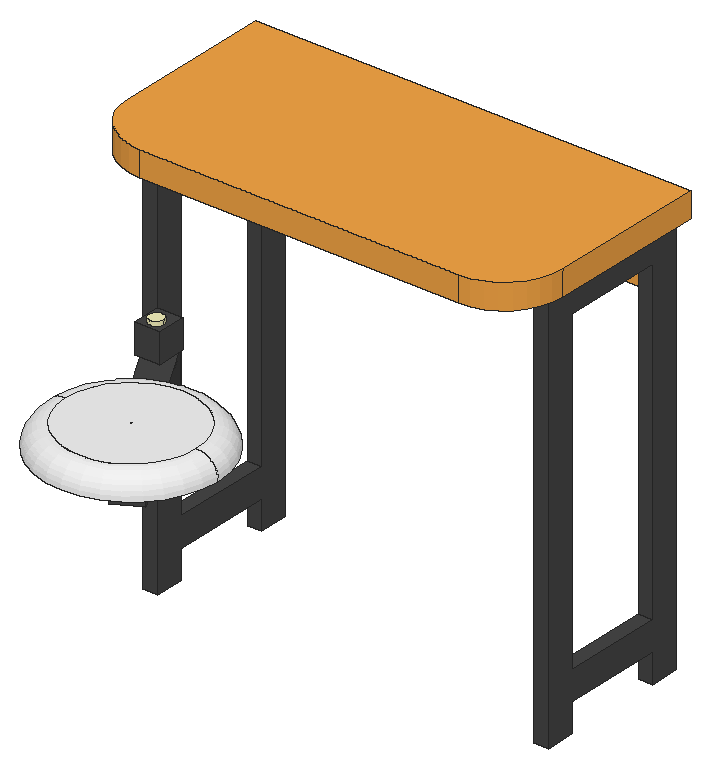
Revit family "Detention_Desk", category Casework, Revit 2026
Family settings
  Classification Number = 23.40.70.31.17
  Work Plane-Based = No
  Always vertical = Yes
  Cut with Voids When Loaded = No
  Shared = No
  Room Calculation Point = No
Parameters (values of type "Detention_Desk")
  Width = 2' - 6"
  Warranty Duration (Years) = 2
  Test Data = ""
  Stool Material = Metal - Steel, Stainless
  Specification = "http://www.arcat.com/divs/sec/sec11190.shtml"
  Seat Height = 1' - 5"
  Sales Information = ""
  Product Properties = "http://www.arcat.com/bim/bim_info.pl?fn=Detention_Desk"
  Product Data = "http://www.arcat.com/divs/sec/sec11190.shtml"
  Model = "Generic"  # constant formula
  Manufacturer Website = "http://www.arcat.com/"
  Manufacturer Phone - Toll Free = ""
  Manufacturer Phone = "(203) 929-9444"  # constant formula
  Manufacturer Fax = "(203) 939-2444"  # constant formula
  Manufacturer Email = "bim@arcat.com"  # constant formula
  Manufacturer Address = "1077 Bridgeport Ave, Shelton, CT  06484"  # constant formula
  Manufacturer = "Generic"  # constant formula
  Maintenance Schedule (Months) = 12
  Keynote = "11190"
  Installation_Fabricaton = ""
  Installation Phase = ""
  Height = 2' - 6"
  Hardware Material = Metal - Brass
  Green Building-LEED = "http://www.arcat.com/green/green_building.shtml"
  Frame Material = Metal - Steel, Painted, Black
  Expected Lifespan (Years) = 10
  Drawn By = "Robert S. Weygant. CSI, CDT, SCIP"  # constant formula
  Desk Material = Metal - Steel, Painted, Orange
  Description = "Detention Desk"
  Depth = 1' - 3"
  Default Elevation = 0' - 0"
  Copyright = "2008, ARCAT, Inc."  # constant formula
  Construction Details = "http://www.arcat.com/divs/sec/sec11190.shtml"
  Building Codes = ""
  Assembly Code = "E1020600"
Reference planes (in)
  plane 1 "Center (Front/Back)": y = 0
  plane 2: z = 0
  plane 3 "Center (Left/Right)": x = 0
  plane 4: z = 30
  plane 5: y = 0
  plane 6: x = -36
  plane 7: x = -15
  plane 8: x = 15
  plane 9: y = 7.5
  plane 10: y = -7.5
  plane 11: x = -15
  plane 12: y = -7.5
Forms (in)
  Extrusion 1, solid, not visible
    sketch origin (-23.60937, 0, 0) x (1, 0, 0) y (0, 1, 0)
      loop
        arc (-6.25, 8) -> (-7.48744, 7.48744) -> (-8, 6.25) r 1.75
        line (-8, 6.25) -> (-8, -6.25)
        arc (-8, -6.25) -> (-7.48744, -7.48744) -> (-6.25, -8) r 1.75
        line (-6.25, -8) -> (6.25, -8)
        arc (6.25, -8) -> (7.48744, -7.48744) -> (8, -6.25) r 1.75
        line (8, -6.25) -> (8, 6.25)
        arc (8, 6.25) -> (7.48744, 7.48744) -> (6.25, 8) r 1.75
        line (6.25, 8) -> (-6.25, 8)
      loop
        arc (-6.25, 7.5) -> (-7.13388, 7.13388) -> (-7.5, 6.25) r 1.25
        line (-7.5, 6.25) -> (-7.5, -6.25)
        arc (-7.5, -6.25) -> (-7.13388, -7.13388) -> (-6.25, -7.5) r 1.25
        line (-6.25, -7.5) -> (6.25, -7.5)
        arc (6.25, -7.5) -> (7.13388, -7.13388) -> (7.5, -6.25) r 1.25
        line (7.5, -6.25) -> (7.5, 6.25)
        arc (7.5, 6.25) -> (7.13388, 7.13388) -> (6.25, 7.5) r 1.25
        line (6.25, 7.5) -> (-6.25, 7.5)
    from 0 to 7
  Extrusion 2, solid, not visible
    sketch origin (-23.60937, 0, 7) x (1, 0, 0) y (0, 1, 0)
      loop
        arc (-9.5, 10) -> (-9.85355, 9.85355) -> (-10, 9.5) r 0.5
        line (-10, 9.5) -> (-10, -9.5)
        arc (-10, -9.5) -> (-9.85355, -9.85355) -> (-9.5, -10) r 0.5
        line (-9.5, -10) -> (9.5, -10)
        arc (9.5, -10) -> (9.85355, -9.85355) -> (10, -9.5) r 0.5
        line (10, -9.5) -> (10, 9.5)
        arc (10, 9.5) -> (9.85355, 9.85355) -> (9.5, 10) r 0.5
        line (9.5, 10) -> (-9.5, 10)
      loop
        line (-7.5, 6.25) -> (-7.5, -6.25)
        arc (-7.5, -6.25) -> (-7.13388, -7.13388) -> (-6.25, -7.5) r 1.25
        line (-6.25, -7.5) -> (6.25, -7.5)
        arc (6.25, -7.5) -> (7.13388, -7.13388) -> (7.5, -6.25) r 1.25
        line (7.5, -6.25) -> (7.5, 6.25)
        arc (7.5, 6.25) -> (7.13388, 7.13388) -> (6.25, 7.5) r 1.25
        line (6.25, 7.5) -> (-6.25, 7.5)
        arc (-6.25, 7.5) -> (-7.13388, 7.13388) -> (-7.5, 6.25) r 1.25
    from 0 to 0.25
  Extrusion 3, solid, material "Metal - Steel, Painted, Orange" <- "Desk Material"
    sketch origin (0, 0, 28.25) x (1, 0, 0) y (0, 1, 0)
      loop
        line (-15, 7.5) -> (-15, -3.5)
        arc (-15, -3.5) -> (-13.82843, -6.32843) -> (-11, -7.5) r 4
        line (-11, -7.5) -> (11, -7.5)
        arc (11, -7.5) -> (13.82843, -6.32843) -> (15, -3.5) r 4
        line (15, -3.5) -> (15, 7.5) -> (-15, 7.5)
    from 0 to 1.75
  Extrusion 4, solid, material "Metal - Steel, Painted, Black" <- "Frame Material"
    sketch origin (-13, 3, 0) x (0, 1, 0) y (0, 0, -1)
      loop
        line (-6.5, -28.25) -> (4.5, -28.25) -> (4.5, 0) -> (2.5, 0) -> (2.5, -2) -> (-4.5, -2) -> (-4.5, 0) -> (-6.5, 0) -> (-6.5, -28.25)
      loop
        line (-4.5, -4) -> (-4.5, -26) -> (2.5, -26) -> (2.5, -4) -> (-4.5, -4)
    from 0 to 1
  Extrusion 5, solid, material "Metal - Steel, Painted, Black" <- "Frame Material"
    sketch origin (13, 3, 0) x (0, 1, 0) y (0, 0, 1)
      loop
        line (-6.5, 28.25) -> (-6.5, 0) -> (-4.5, 0) -> (-4.5, 2) -> (2.5, 2) -> (2.5, 0) -> (4.5, 0) -> (4.5, 28.25) -> (-6.5, 28.25)
      loop
        line (-4.5, 4) -> (2.5, 4) -> (2.5, 26) -> (-4.5, 26) -> (-4.5, 4)
    from 0 to 1
  Sweep 6, solid, material "Metal - Steel, Stainless" <- "Stool Material"
    path origin (0.75, -0.5, 0) x (1, 0, 0) y (0, 1, 0)
      loop
        circle (-7.50109, -13.09772) r 6
    profile origin (-6.75109, -7.59772, 0) x (0, -1, 0) y (0, 0, 1)
      loop
        line (0, 15.75) -> (0.25, 15.75)
        arc (0.25, 15.75) -> (0.61612, 16.63388) -> (1.5, 17) r 1.25
        line (1.5, 17) -> (2, 17) -> (2, 16.75) -> (5.96875, 16.75) -> (5.96875, 17.25) -> (1.5, 17.25)
        arc (1.5, 17.25) -> (0.43934, 16.81066) -> (0, 15.75) r 1.5
  Extrusion 7, solid, material "Metal - Steel, Painted, Black" <- "Frame Material"
    sketch origin (-0.89491, 2.41005, 1.75) x (0.866458, 0.499249, 0) y (0, 0, 1)
      loop
        line (-12.09772, 14) -> (-14.09772, 14) -> (-14.09772, 11) -> (-12.09772, 11) -> (-12.09772, 14)
    from 0 to 12
  Extrusion 8, solid, material "Metal - Steel, Painted, Black" <- "Frame Material"
    sketch origin (0, -2, 15.75) x (1, 0, 0) y (0, 1, 0)
      loop
        line (-13, -3.5) -> (-11.25, -3.5) -> (-11.25, -1.5) -> (-13, -1.5) -> (-13, -3.5)
    from 0 to 2
  Extrusion 9, solid, material "Metal - Steel, Painted, Black" <- "Frame Material"
    sketch origin (0, -2, 10.75) x (1, 0, 0) y (0, 1, 0)
      loop
        line (-13, -3.5) -> (-11.25, -3.5) -> (-11.25, -1.5) -> (-13, -1.5) -> (-13, -3.5)
    from 0 to 2
  Extrusion 10, solid, material "Metal - Steel, Painted, Orange" <- "Desk Material"
    sketch origin (0, 7.5, 0) x (1, 0, 0) y (0, 0, 1)
      loop
        line (-13, 28.25) -> (-13, 23.18447) -> (13, 23.18447) -> (13, 28.25) -> (-13, 28.25)
    from 0 to 0.5
  Sweep 11, solid, material "Metal - Steel, Stainless" <- "Stool Material", not visible
    path origin (0.75, -0.5, 0) x (1, 0, 0) y (0, 1, 0)
      loop
        circle (-7.50109, -13.09772) r 6
    profile origin (-6.75109, -7.59772, 0) x (0, -1, 0) y (0, 0, 1)
      loop
        line (0, 14) -> (0.25, 14)
        arc (0.25, 14) -> (0.61612, 14.88388) -> (1.5, 15.25) r 1.25
        line (1.5, 15.25) -> (2, 15.25) -> (2, 15) -> (5.96875, 15) -> (5.96875, 15.5) -> (1.5, 15.5)
        arc (1.5, 15.5) -> (0.43934, 15.06066) -> (0, 14) r 1.5
  Extrusion 12, solid, material "Metal - Steel, Painted, Black" <- "Frame Material", not visible
    sketch origin (-0.89491, 2.41005, 0) x (0.866458, 0.499249, 0) y (0, 0, 1)
      loop
        line (-12.09772, 14) -> (-14.09772, 14) -> (-14.09772, 11) -> (-12.09772, 11) -> (-12.09772, 14)
    from 0 to 12
  Extrusion 13, solid, material "Metal - Brass" <- "Hardware Material"
    sketch origin (-0.23624, 0, 17.75) x (1, 0, 0) y (0, 1, 0)
      loop
        circle (-11.88876, -4.69649) r 0.5
    from 0 to 0.25
  Extrusion 14, solid, material "Metal - Brass" <- "Hardware Material"
    sketch origin (-0.23624, 0, 10.5) x (1, 0, 0) y (0, 1, 0)
      loop
        circle (-11.88876, -4.69649) r 0.5
    from 0 to 0.25
  Sweep 15, solid, material "Metal - Steel, Stainless" <- "Stool Material", not visible
    path origin (0.75, -0.5, 0) x (1, 0, 0) y (0, 1, 0)
      loop
        circle (-7.50109, -13.09772) r 6
    profile origin (-6.75109, -7.59772, 0) x (0, -1, 0) y (0, 0, 1)
      loop
        line (0, 14) -> (0.25, 14)
        arc (0.25, 14) -> (0.61612, 14.88388) -> (1.5, 15.25) r 1.25
        line (1.5, 15.25) -> (2, 15.25) -> (2, 15) -> (5.96875, 15) -> (5.96875, 15.5) -> (1.5, 15.5)
        arc (1.5, 15.5) -> (0.43934, 15.06066) -> (0, 14) r 1.5
  Extrusion 16, solid, material "Metal - Steel, Painted, Black" <- "Frame Material", not visible
    sketch origin (-0.89491, 2.41005, 0) x (0.866458, 0.499249, 0) y (0, 0, 1)
      loop
        line (-12.09772, 14) -> (-14.09772, 14) -> (-14.09772, 11) -> (-12.09772, 11) -> (-12.09772, 14)
    from 0 to 12
  Extrusion 17, solid, material "Metal - Steel, Painted, Black" <- "Frame Material", not visible
    sketch origin (0, -2, 14) x (1, 0, 0) y (0, 1, 0)
      loop
        line (-13, -3.5) -> (-11.25, -3.5) -> (-11.25, -1.5) -> (-13, -1.5) -> (-13, -3.5)
    from 0 to 2
  Extrusion 18, solid, material "Metal - Steel, Painted, Black" <- "Frame Material", not visible
    sketch origin (0, -2, 9) x (1, 0, 0) y (0, 1, 0)
      loop
        line (-13, -3.5) -> (-11.25, -3.5) -> (-11.25, -1.5) -> (-13, -1.5) -> (-13, -3.5)
    from 0 to 2
  Extrusion 19, solid, material "Metal - Brass" <- "Hardware Material", not visible
    sketch origin (-0.23624, 0, 16) x (1, 0, 0) y (0, 1, 0)
      loop
        circle (-11.88876, -4.69649) r 0.5
    from 0 to 0.25
  Extrusion 20, solid, material "Metal - Brass" <- "Hardware Material", not visible
    sketch origin (-0.23624, 0, 8.75) x (1, 0, 0) y (0, 1, 0)
      loop
        circle (-11.88876, -4.69649) r 0.5
    from 0 to 0.25
Dimensions and locks (in)
  "Width": plane 7 to plane 8
  "Depth": plane 9 to plane 10
  "Height": plane 4 to level
  equal spacing: plane 7, plane 3 "Center (Left/Right)", plane 8
  locked: plane 7 to Extrusion 4 at 1
  locked: Extrusion 5 to plane 8 at 1
  locked: Extrusion 7 to plane 7 at 9.61392
  locked: Extrusion 4 sketch curve to Extrusion 4 sketch curve at 2  (x2)
  locked: Extrusion 4 to Extrusion 7 at 1.12823
  locked: Extrusion 4 sketch curve to plane 10 at 4
  locked: Extrusion 5 sketch curve to Extrusion 5 sketch curve at 2  (x2)
  locked: plane 10 to Extrusion 5 sketch curve at 4
  "Seat Height": Sweep 6 to level
  aligned and locked: plane 4 to Extrusion 3
  aligned and locked: Extrusion 10 to Extrusion 3
  aligned and locked: Extrusion 4 to Extrusion 10
  aligned and locked: Extrusion 5 to Extrusion 10
  aligned and locked: Extrusion 13 to Extrusion 8
Automatic sketch dimensions
  Sweep 6 sketch curve to Sweep 6 sketch curve = 0' - 0"
  Sweep 6 sketch curve to profile plane = 0' - 0"
  Sweep 6 sketch curve to Sweep 6 sketch curve = 0' - 0 1/4"  (x2)
  Sweep 6 sketch curve to Sweep 6 sketch curve = 0' - 1 1/4"
  Sweep 6 sketch curve to Sweep 6 sketch curve = 0' - 0 1/2"
  Sweep 6 sketch curve to Sweep 6 sketch curve = 0' - 3 31/32"
  Extrusion 7 sketch curve to Extrusion 7 sketch curve = 0' - 2"
  Extrusion 7 sketch curve to Extrusion 7 sketch curve = 0' - 3"
  profile plane to Sweep 6 sketch curve = 1' - 3 3/4"
  Sweep 11 sketch curve to Sweep 11 sketch curve = 0' - 0"
  Sweep 11 sketch curve to profile plane = 0' - 0"
  Sweep 11 sketch curve to Sweep 11 sketch curve = 0' - 0 1/4"  (x2)
  Sweep 11 sketch curve to Sweep 11 sketch curve = 0' - 1 1/4"
  Sweep 11 sketch curve to Sweep 11 sketch curve = 0' - 0 1/2"
  Sweep 11 sketch curve to Sweep 11 sketch curve = 0' - 3 31/32"
  Extrusion 12 sketch curve to Extrusion 12 sketch curve = 0' - 2"
  Extrusion 12 sketch curve to Extrusion 12 sketch curve = 0' - 3"
  profile plane to Sweep 11 sketch curve = 1' - 2"
  Extrusion 3 sketch curve to plane 7 = 0' - 0"
  Extrusion 3 sketch curve to plane 10 = 0' - 0"
  Extrusion 3 sketch curve to plane 8 = 0' - 0"
  Extrusion 3 sketch curve to plane 9 = 0' - 0"
  Extrusion 3 sketch curve to plane 7 = 0' - 4"
  plane 8 to Extrusion 3 sketch curve = 0' - 4"
  Extrusion 4 sketch curve to level = 0' - 0"  (x2)
  Extrusion 4 sketch curve to plane 9 = 0' - 0"
  Extrusion 4 sketch curve to plane 9 = 0' - 2"
  Extrusion 4 sketch curve to Extrusion 4 sketch curve = 0' - 0"
  level to Extrusion 4 sketch curve = 0' - 2"
  Extrusion 4 sketch curve to Extrusion 4 sketch curve = 0' - 2"
  Extrusion 4 sketch curve to plane 4 = 0' - 4"
  Extrusion 4 sketch curve to plane 4 = 0' - 1 3/4"
  Extrusion 5 sketch curve to level = 0' - 0"  (x2)
  Extrusion 5 sketch curve to plane 9 = 0' - 0"
  Extrusion 5 sketch curve to plane 9 = 0' - 2"
  Extrusion 5 sketch curve to Extrusion 5 sketch curve = 0' - 0"
  Extrusion 5 sketch curve to Extrusion 5 sketch curve = 0' - 2"  (x2)
  Extrusion 5 sketch curve to plane 4 = 0' - 4"
  Extrusion 5 sketch curve to plane 4 = 0' - 1 3/4"
  Extrusion 8 sketch curve to Extrusion 8 sketch curve = 0' - 1 3/4"
  Extrusion 8 sketch curve to Extrusion 8 sketch curve = 0' - 2"
  Extrusion 9 sketch curve to Extrusion 9 sketch curve = 0' - 1 3/4"
  Extrusion 9 sketch curve to Extrusion 9 sketch curve = 0' - 2"
  Extrusion 10 sketch curve to plane 7 = 0' - 2"
  plane 8 to Extrusion 10 sketch curve = 0' - 2"
  Extrusion 10 sketch curve to plane 4 = 0' - 6.81553"
  Extrusion 10 sketch curve to plane 4 = 0' - 1 3/4"
  Sweep 15 sketch curve to Sweep 15 sketch curve = 0' - 0"
  Sweep 15 sketch curve to profile plane = 0' - 0"
  Sweep 15 sketch curve to Sweep 15 sketch curve = 0' - 0 1/4"  (x2)
  Sweep 15 sketch curve to Sweep 15 sketch curve = 0' - 1 1/4"
  Sweep 15 sketch curve to Sweep 15 sketch curve = 0' - 0 1/2"
  Sweep 15 sketch curve to Sweep 15 sketch curve = 0' - 3 31/32"
  Extrusion 16 sketch curve to Extrusion 16 sketch curve = 0' - 2"
  Extrusion 16 sketch curve to Extrusion 16 sketch curve = 0' - 3"
  profile plane to Sweep 15 sketch curve = 1' - 2"
  Extrusion 17 sketch curve to Extrusion 17 sketch curve = 0' - 1 3/4"
  Extrusion 17 sketch curve to Extrusion 17 sketch curve = 0' - 2"
  Extrusion 18 sketch curve to Extrusion 18 sketch curve = 0' - 1 3/4"
  Extrusion 18 sketch curve to Extrusion 18 sketch curve = 0' - 2"
  radius of Sweep 6 sketch curve = 0' - 6"
  radius of Sweep 11 sketch curve = 0' - 6"
  radius of Extrusion 13 sketch curve = 0' - 0 1/2"
  radius of Extrusion 14 sketch curve = 0' - 0 1/2"
  radius of Sweep 15 sketch curve = 0' - 6"
  radius of Extrusion 19 sketch curve = 0' - 0 1/2"
  radius of Extrusion 20 sketch curve = 0' - 0 1/2"
